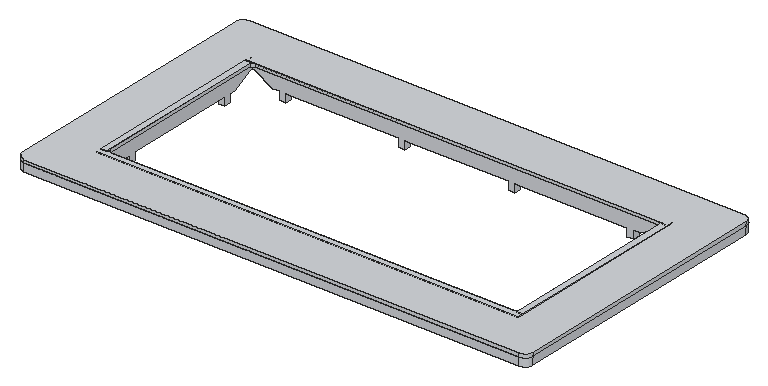
Revit family "Gira_1002335", category Electrical Fixtures, host Face, Revit 2017
Family settings
  Host = Face
  Maintain Annotation Orientation = No
  Round Connector Dimension = Use Diameter
  Part Type = Normal
  Cut with Voids When Loaded = No
  Shared = No
  Room Calculation Point = No
Parameters (values of type "Cov.fr. 2-g w/o cb flat Gira E2 stainl.steel")
  With mounting grid = "No"
  With hinged lid = "No"
  URL = "http://katalog.gira.de/en/datenblatt.html?artikelnr=1002335"
  Type of fastening = "Clamp mounting"
  Transparent = "No"
  Surface protection = "Other"
  Suitable for wall duct = "No"
  Suitable for flush-mounted installation = "Yes"
  Suitable for floor box = "No"
  Suitable for built-in installation = "No"
  Number of units vertical = "2"
  Number of units horizontal = "2"
  Number of units = "2"
  Name = "Cov.fr. 2-g w/o cb flat Gira E2 stainl.steel"
  Mounting direction = "Horizontal and vertical"
  Material quality = "Stainless steel"
  Material = "Metal"
  Manufacturer URL = "https://www.gira.de/"
  Manufacturer = "Gira"
  Label space/information surface = "No"
  Keynote = ""
  HeinzeBIM = "https://bimportal.heinze.de/bim/cov-fr-2-g-w-o-cb-flat-gira-e2-stainl-steel/34fddcf57fae448f135744b4c733196611932e57"
  Halogen free = "No"
  HAN = "1002335"
  GTIN = "4010337019893"
  Description = "Cov.fr.2g w o cb flat E2 SST,Gira E2 cover frame for flat installation,Stainless steel,2-gang without crossbar,"
  Degree of protection (IP) = "IP20"
  Default Elevation = 1219.2 mm
  Data sheet (1) = "https://katalog.gira.de/en/download.html?artikelnr=1002335"
  Colour = "Stainless steel"
  Category = "Cover frame for domestic switching devices"
  BIM (1) = "https://media.stage.bim.site/public/gira/36a6b08/E2flach_Rahmen_2fach o.Mittelsteg.rfa?public/gira/36a6b08/E2flach_Rahmen_2fach o.Mittelsteg.rfa"
  Available = "No"
Reference planes
  plane 1 "Center (Front/Back)": y = 0
  plane 2: z = 0
  plane 3 "Center (Left/Right)": x = 0
Forms (mm)
  Extrusion 1, solid, detail levels fine
    sketch origin (0, 0, 0) x (1, 0, 0) y (0, 1, 0)
      loop
        arc (-77, 43.9) -> (-78.768, 43.168) -> (-79.5, 41.4) r 2.5
        line (-79.5, 41.4) -> (-79.5, -41.4)
        arc (-79.5, -41.4) -> (-78.768, -43.168) -> (-77, -43.9) r 2.5
        line (-77, -43.9) -> (77, -43.9)
        arc (77, -43.9) -> (78.768, -43.168) -> (79.5, -41.4) r 2.5
        line (79.5, -41.4) -> (79.5, 41.4)
        arc (79.5, 41.4) -> (78.768, 43.168) -> (77, 43.9) r 2.5
        line (77, 43.9) -> (-77, 43.9)
      loop
        spline (-63.744, -27.245) -> (-63.736, -27.363) -> (-63.713, -27.478) -> (-63.675, -27.589) -> (-63.623, -27.695) -> (-63.558, -27.792) -> (-63.481, -27.881) -> (-63.392, -27.958) -> (-63.295, -28.023) -> (-63.189, -28.075) -> (-63.078, -28.113) -> (-62.963, -28.136) -> (-62.845, -28.144)
        line (-62.845, -28.144) -> (62.845, -28.144)
        spline (62.845, -28.144) -> (62.963, -28.136) -> (63.078, -28.113) -> (63.189, -28.075) -> (63.295, -28.023) -> (63.392, -27.958) -> (63.481, -27.881) -> (63.558, -27.792) -> (63.623, -27.695) -> (63.675, -27.589) -> (63.713, -27.478) -> (63.736, -27.363) -> (63.744, -27.245)
        line (63.744, -27.245) -> (63.744, 27.245)
        spline (63.744, 27.245) -> (63.736, 27.363) -> (63.713, 27.478) -> (63.675, 27.589) -> (63.623, 27.695) -> (63.558, 27.792) -> (63.481, 27.881) -> (63.392, 27.958) -> (63.295, 28.023) -> (63.189, 28.075) -> (63.078, 28.113) -> (62.963, 28.136) -> (62.845, 28.144)
        line (62.845, 28.144) -> (-62.845, 28.144)
        spline (-62.845, 28.144) -> (-62.963, 28.136) -> (-63.078, 28.113) -> (-63.189, 28.075) -> (-63.295, 28.023) -> (-63.392, 27.958) -> (-63.481, 27.881) -> (-63.558, 27.792) -> (-63.623, 27.695) -> (-63.675, 27.589) -> (-63.713, 27.478) -> (-63.736, 27.363) -> (-63.744, 27.245)
        line (-63.744, 27.245) -> (-63.744, -27.245)
    from 2.5 to 3.4
  Extrusion 2, solid, detail levels fine
    sketch origin (0, 0, 0) x (1, 0, 0) y (0, 1, 0)
      loop
        arc (-77, 43.9) -> (-78.768, 43.168) -> (-79.5, 41.4) r 2.5
        line (-79.5, 41.4) -> (-79.5, -41.4)
        arc (-79.5, -41.4) -> (-78.768, -43.168) -> (-77, -43.9) r 2.5
        line (-77, -43.9) -> (77, -43.9)
        arc (77, -43.9) -> (78.768, -43.168) -> (79.5, -41.4) r 2.5
        line (79.5, -41.4) -> (79.5, 41.4)
        arc (79.5, 41.4) -> (78.768, 43.168) -> (77, 43.9) r 2.5
        line (77, 43.9) -> (-77, 43.9)
      loop
        arc (-77, 43.4) -> (-78.414, 42.814) -> (-79, 41.4) r 2
        line (-79, 41.4) -> (-79, -41.4)
        arc (-79, -41.4) -> (-78.414, -42.814) -> (-77, -43.4) r 2
        line (-77, -43.4) -> (77, -43.4)
        arc (77, -43.4) -> (78.414, -42.814) -> (79, -41.4) r 2
        line (79, -41.4) -> (79, 41.4)
        arc (79, 41.4) -> (78.414, 42.814) -> (77, 43.4) r 2
        line (77, 43.4) -> (-77, 43.4)
    from 0 to 2.5
  Extrusion 3, solid, detail levels fine
    sketch origin (35.6, 0, 0) x (0, -1, 0) y (0, 0, -1)
      loop
        line (-17.5, 4.06) -> (-19.5, 4.06) -> (-19.5, 1.56) -> (-21.654, 1.56) -> (-27.214, -1.65) -> (-28.144, -1.65) -> (-28.144, -3.4) -> (28.144, -3.4) -> (28.144, -1.65) -> (27.214, -1.65) -> (21.654, 1.56) -> (19.5, 1.56) -> (19.5, 4.06) -> (17.5, 4.06) -> (17.5, 1.56) -> (-17.5, 1.56) -> (-17.5, 4.06)
    from 28.144 to 30
  Extrusion 4, solid, detail levels fine
    sketch origin (0, 0, 0) x (1, 0, 0) y (0, 0, -1)
      loop
        line (-53.1, 4.06) -> (-55.1, 4.06) -> (-55.1, 1.56) -> (-57.254, 1.56) -> (-62.814, -1.65) -> (-65.6, -1.65) -> (-65.6, -3.4) -> (65.6, -3.4) -> (65.6, -1.65) -> (62.814, -1.65) -> (57.254, 1.56) -> (55.1, 1.56) -> (55.1, 4.06) -> (53.1, 4.06) -> (53.1, 1.56) -> (18.1, 1.56) -> (18.1, 4.042) -> (16.1, 4.042) -> (16.1, 1.542) -> (-16.1, 1.542) -> (-16.1, 4.042) -> (-18.1, 4.042) -> (-18.1, 1.56) -> (-53.1, 1.56) -> (-53.1, 4.06)
    from 28.144 to 30
  Extrusion 5, solid, detail levels coarse
    sketch origin (0, 0, 0) x (1, 0, 0) y (0, 1, 0)
      loop
        line (-79.5, 43.9) -> (-79.5, -43.9) -> (79.5, -43.9) -> (79.5, 43.9) -> (-79.5, 43.9)
    from -4.06 to 3.4
  Extrusion 6, solid, detail levels medium
    sketch origin (0, 0, 0) x (1, 0, 0) y (0, 1, 0)
      loop
        line (-79.5, 43.9) -> (-79.5, -43.9) -> (79.5, -43.9) -> (79.5, 43.9) -> (-79.5, 43.9)
    from 0 to 3.4
  Extrusion 7, solid, detail levels medium
    sketch origin (0, 0, 0) x (1, 0, 0) y (0, 0, -1)
      loop
        line (-53.1, 4.06) -> (-55.1, 4.06) -> (-55.1, 1.56) -> (-65.6, 1.56) -> (-65.6, -3.4) -> (65.6, -3.4) -> (65.6, 1.56) -> (55.1, 1.56) -> (55.1, 4.06) -> (53.1, 4.06) -> (53.1, 1.56) -> (18.1, 1.56) -> (18.1, 4.06) -> (16.1, 4.06) -> (16.1, 1.542) -> (-16.1, 1.542) -> (-16.1, 4.06) -> (-18.1, 4.06) -> (-18.1, 1.56) -> (-53.1, 1.56) -> (-53.1, 4.06)
    from 28.144 to 30
  Extrusion 8, solid, detail levels medium
    sketch origin (35.6, 0, 0) x (0, -1, 0) y (0, 0, -1)
      loop
        line (-17.5, 4.06) -> (-19.5, 4.06) -> (-19.5, 1.56) -> (-28.144, 1.56) -> (-28.144, -3.4) -> (28.144, -3.4) -> (28.144, 1.56) -> (19.5, 1.56) -> (19.5, 4.06) -> (17.5, 4.06) -> (17.5, 1.56) -> (-17.5, 1.56) -> (-17.5, 4.06)
    from 28.144 to 30
  Extrusion 9, solid, detail levels fine
    sketch origin (0, 0, 0) x (1, 0, 0) y (0, 0, 1)
      loop
        line (-53.1, -4.06) -> (-53.1, -1.56) -> (-18.1, -1.56) -> (-18.1, -4.042) -> (-16.1, -4.042) -> (-16.1, -1.542) -> (16.1, -1.542) -> (16.1, -4.042) -> (18.1, -4.042) -> (18.1, -1.56) -> (53.1, -1.56) -> (53.1, -4.06) -> (55.1, -4.06) -> (55.1, -1.56) -> (57.254, -1.56) -> (62.814, 1.65) -> (65.6, 1.65) -> (65.6, 3.4) -> (-65.6, 3.4) -> (-65.6, 1.65) -> (-62.814, 1.65) -> (-57.254, -1.56) -> (-55.1, -1.56) -> (-55.1, -4.06) -> (-53.1, -4.06)
    from 28.144 to 30
  Extrusion 10, solid, detail levels medium
    sketch origin (0, 0, 0) x (1, 0, 0) y (0, 0, 1)
      loop
        line (-53.1, -4.06) -> (-53.1, -1.56) -> (-18.1, -1.56) -> (-18.1, -4.06) -> (-16.1, -4.06) -> (-16.1, -1.542) -> (16.1, -1.542) -> (16.1, -4.06) -> (18.1, -4.06) -> (18.1, -1.56) -> (53.1, -1.56) -> (53.1, -4.06) -> (55.1, -4.06) -> (55.1, -1.56) -> (65.6, -1.56) -> (65.6, 3.4) -> (-65.6, 3.4) -> (-65.6, -1.56) -> (-55.1, -1.56) -> (-55.1, -4.06) -> (-53.1, -4.06)
    from 28.144 to 30
  Extrusion 11, solid, detail levels fine
    sketch origin (-35.6, 0, 0) x (0, -1, 0) y (0, 0, 1)
      loop
        line (-17.5, -4.06) -> (-17.5, -1.56) -> (17.5, -1.56) -> (17.5, -4.06) -> (19.5, -4.06) -> (19.5, -1.56) -> (21.654, -1.56) -> (27.214, 1.65) -> (28.144, 1.65) -> (28.144, 3.4) -> (-28.144, 3.4) -> (-28.144, 1.65) -> (-27.214, 1.65) -> (-21.654, -1.56) -> (-19.5, -1.56) -> (-19.5, -4.06) -> (-17.5, -4.06)
    from 28.144 to 30
  Extrusion 12, solid, detail levels medium
    sketch origin (-35.6, 0, 0) x (0, -1, 0) y (0, 0, 1)
      loop
        line (-17.5, -4.06) -> (-17.5, -1.56) -> (17.5, -1.56) -> (17.5, -4.06) -> (19.5, -4.06) -> (19.5, -1.56) -> (28.144, -1.56) -> (28.144, 3.4) -> (-28.144, 3.4) -> (-28.144, -1.56) -> (-19.5, -1.56) -> (-19.5, -4.06) -> (-17.5, -4.06)
    from 28.144 to 30
Dimensions and locks
  aligned and locked: plane 2 to host face
  aligned and locked: level to host face
